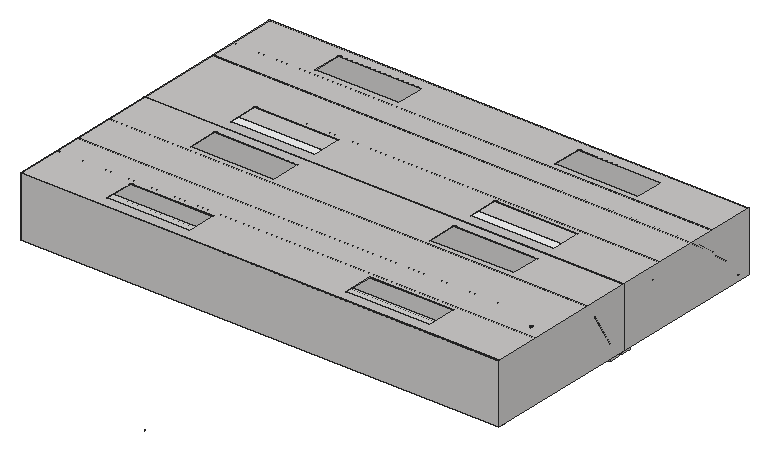
Revit family "QF_ELECTROLUXPROFESSIONAL_640242_STCF2640", category Specialty Equipment, Revit 2014
Reference planes
  plane 1 "Center (Front/Back)": y = 0
  plane 2: z = 0
  plane 3 "Center (Left/Right)": x = 600
  plane 4 "LEFT": x = -1400
  plane 5 "RIGHT": x = 2600
  plane 6 "BACK": y = 1300
  plane 7 "FRONT": y = -1300
  plane 8 "Base": z = 2000
  plane 9 "EIx": x = 2480
  plane 10 "Top": z = 2500
  plane 11 "BaseHood": z = 2000
  plane 12 "EI": y = -820
Forms (mm)
  Extrusion 1, solid, material "QF_Finishes_Stainless Steel"
    sketch origin (0, -820, 2500) x (0, 1, 0) y (-1, 0, 0)
      loop
        circle (0, -2480) r 10
    from 0 to 1.6
Dimensions and locks
  equal spacing: plane 6 "BACK", plane 1 "Center (Front/Back)", plane 7 "FRONT"
  plane 6 "BACK" to plane 7 "FRONT" = 2600.0 mm
  locked: plane 9 "EIx" to plane 5 "RIGHT" at 120
  plane 11 "BaseHood" to level = 2000.0 mm
  plane 10 "Top" to plane 11 "BaseHood" = 500.0 mm
  equal spacing: plane 4 "LEFT", plane 3 "Center (Left/Right)", plane 5 "RIGHT"
  plane 4 "LEFT" to plane 5 "RIGHT" = 4000.0 mm
  plane 12 "EI" to plane 7 "FRONT" = 480.0 mm
  aligned and locked: level to plane 2
Automatic sketch dimensions
  plane 1 "Center (Front/Back)" to Extrusion 1 sketch curve = 820.0 mm
  Extrusion 1 sketch curve to plane 9 "EIx" = 0.0 mm
  radius of Extrusion 1 sketch curve = 10.0 mm
Nested families
  nested 1: "QF_ELECTROLUXPROFESSIONAL_640233" at (450, -550, 0), type "QF_ELECTROLUXPROFESSIONAL_640233"
  nested 2: "QF_ELECTROLUXPROFESSIONAL_640233" at (450, 550, 0), type "QF_ELECTROLUXPROFESSIONAL_640233"
Connectors
  piping at (2480, 60, 1970), diameter 9.5
    settings: on nested 2, index 9, connector inside diameter 609.6 mm, connector length 0.0 mm, flow factor 0, pipe flow 0.0 L/s, pressure drop 0.0 Pa, fitting loss kfactor 0, connector angle 0.00°, fixture units 0, engagement length 0.0 mm, angle of deflection 0.00°, flow configuration 1, flow direction 2, fitting loss method 0, system type 16, joint type 0, gender type 0, connector reference index -1, connector utility 0, adjustable connector no, is connector primary yes, connector description "Drain"
  piping at (2480, -60, 1970), diameter 9.5
    settings: on nested 1, index 10, connector inside diameter 609.6 mm, connector length 0.0 mm, flow factor 0, pipe flow 0.0 L/s, pressure drop 0.0 Pa, fitting loss kfactor 0, connector angle 0.00°, fixture units 0, engagement length 0.0 mm, angle of deflection 0.00°, flow configuration 1, flow direction 2, fitting loss method 0, system type 16, joint type 0, gender type 0, connector reference index -1, connector utility 0, adjustable connector no, is connector primary no, connector description "Drain"
  electrical at (2480, -820, 2501.6)
    settings: on Extrusion 1, index 11, voltage 0 V, apparent load 0 VA, apparent load phase1 0 VA, apparent load phase2 0 VA, apparent load phase3 0 VA, power factor 1, load classification "Other", number of poles 1, system type 30, power factor state 1, is connector primary yes, connector utility no, sub classification motor no, connector description "Electrical Connection"
  hvac at (-400, -1089, 2500)
    settings: on nested 1, index 12, duct flow 0.0 L/s, flow factor 0, pres drop 0.0 Pa, loss coef 0, conn angle 0.00°, conn width 700 mm, conn height 250 mm, conn diameter 609.6 mm, duct sys type 1, conn prof type 1, flow config 1, flow direction 1, loss method 0, conn ref index -1, conn util no, is conn primary yes, conn desc "AIR INLET"
  hvac at (-400, 1089, 2500)
    settings: on nested 2, index 13, duct flow 0.0 L/s, flow factor 0, pres drop 0.0 Pa, loss coef 0, conn angle 0.00°, conn width 250 mm, conn height 700 mm, conn diameter 609.6 mm, duct sys type 1, conn prof type 1, flow config 1, flow direction 1, loss method 0, conn ref index -1, conn util no, is conn primary no, conn desc "AIR INLET"
  hvac at (1600, 1089, 2500)
    settings: on nested 2, index 14, duct flow 0.0 L/s, flow factor 0, pres drop 0.0 Pa, loss coef 0, conn angle 0.00°, conn width 250 mm, conn height 700 mm, conn diameter 609.6 mm, duct sys type 1, conn prof type 1, flow config 1, flow direction 1, loss method 0, conn ref index -1, conn util no, is conn primary no, conn desc "AIR INLET"
  hvac at (1600, -1089, 2500)
    settings: on nested 1, index 15, duct flow 0.0 L/s, flow factor 0, pres drop 0.0 Pa, loss coef 0, conn angle 0.00°, conn width 700 mm, conn height 250 mm, conn diameter 609.6 mm, duct sys type 1, conn prof type 1, flow config 1, flow direction 1, loss method 0, conn ref index -1, conn util no, is conn primary no, conn desc "AIR INLET"
  hvac at (-400, 211, 2500)
    settings: on nested 2, index 16, duct flow 0.0 L/s, flow factor 0, pres drop 0.0 Pa, loss coef 0, conn angle 0.00°, conn width 250 mm, conn height 700 mm, conn diameter 609.6 mm, duct sys type 3, conn prof type 1, flow config 1, flow direction 2, loss method 0, conn ref index -1, conn util no, is conn primary no, conn desc "EXHAUST OUTLET"
  hvac at (-400, -211, 2500)
    settings: on nested 1, index 17, duct flow 0.0 L/s, flow factor 0, pres drop 0.0 Pa, loss coef 0, conn angle 0.00°, conn width 700 mm, conn height 250 mm, conn diameter 609.6 mm, duct sys type 3, conn prof type 1, flow config 1, flow direction 2, loss method 0, conn ref index -1, conn util no, is conn primary no, conn desc "EXHAUST OUTLET"
  hvac at (1600, 211, 2500)
    settings: on nested 2, index 18, duct flow 0.0 L/s, flow factor 0, pres drop 0.0 Pa, loss coef 0, conn angle 0.00°, conn width 250 mm, conn height 700 mm, conn diameter 609.6 mm, duct sys type 3, conn prof type 1, flow config 1, flow direction 2, loss method 0, conn ref index -1, conn util no, is conn primary no, conn desc "EXHAUST OUTLET"
  hvac at (1600, -211, 2500)
    settings: on nested 1, index 19, duct flow 0.0 L/s, flow factor 0, pres drop 0.0 Pa, loss coef 0, conn angle 0.00°, conn width 700 mm, conn height 250 mm, conn diameter 609.6 mm, duct sys type 3, conn prof type 1, flow config 1, flow direction 2, loss method 0, conn ref index -1, conn util no, is conn primary no, conn desc "EXHAUST OUTLET"
Definition of nested family "QF_ELECTROLUXPROFESSIONAL_640233"
  Reference planes
    plane 1: z = 0
    plane 2 "Center (Left/Right)": x = 150
    plane 3 "LEFT": x = -1850
    plane 4 "RIGHT": x = 2150
    plane 5 "BACK": y = 550
    plane 6 "TOP": z = 2500
    plane 7 "Base": z = 2000
    plane 8: z = 1955
    plane 9 "DrainY": y = 490
    plane 10: x = -1847
    plane 11 "DrainX": x = 2030
    plane 12 "AOLeft2": x = -500
    plane 13 "AORight1": x = 800
    plane 14: x = 2147
    plane 15: x = -1650
    plane 16: x = 1950
    plane 17 "Center (Front/Back)": y = -100
    plane 18 "Front": y = -750
    plane 19 "AOLeft1": x = -1200
    plane 20 "AORight2": x = 1500
    plane 21: y = -664
    plane 22: y = -414
    plane 23 "EI_y": y = -270
    plane 24 "EIx": x = 2030
    plane 25: y = 464
    plane 26: y = 214
  Forms (mm)
    Extrusion 1, solid, material "QF_Finishes_Stainless Steel"
      sketch origin (-1850, 0, 360) x (0, 1, 0) y (0, 0, 1)
        loop
          line (550, 1640) -> (550, 2140) -> (-750, 2140) -> (-750, 1640) -> (550, 1640)
      from 0 to 3
    Extrusion 2, solid, material "QF_Finishes_Stainless Steel"
      sketch origin (2150, 0, 360) x (0, 1, 0) y (0, 0, 1)
        loop
          line (550, 1640) -> (550, 2140) -> (-750, 2140) -> (-750, 1640) -> (550, 1640)
      from 0 to -3
    Extrusion 3, solid, material "QF_Finishes_Stainless Steel"
      sketch origin (150, 0, 360) x (0, 1, 0) y (0, 0, 1)
        loop
          line (-750, 2140) -> (-750, 1640) -> (-740, 1640) -> (-740, 1640.8) -> (-749.2, 1640.8) -> (-749.2, 2139.19) -> (549.2, 2139.19) -> (549.2, 1640.8) -> (540, 1640.8) -> (540, 1640) -> (550, 1640) -> (550, 2140) -> (-750, 2140)
      from -2000 to 2000
    Extrusion 4, solid, material "QF_Finishes_Stainless Steel"
      sketch origin (0, 0, 2000) x (0, 1, 0) y (-1, 0, 0)
        loop
          circle (490, -2030) r 4.763
      from -30 to 0
    Extrusion 5, void
      sketch origin (0, 0, 2500) x (0, 1, 0) y (-1, 0, 0)
        loop
          line (-414, 500) -> (-414, 1200) -> (-664, 1200) -> (-664, 500) -> (-414, 500)
      from 0 to -10
    Extrusion 6, solid, material "QF_Finishes_Stainless Steel"
      sketch origin (0, 0, 0) x (1, 0, 0) y (0, 1, 0)
        loop
          line (-1850, 550) -> (-1850, 549) -> (-1849, 549) -> (-1849, 550) -> (-1850, 550)
      from 0 to 1
    Extrusion 7, solid, material "QF_LAMPS"
      sketch origin (150, 0, 360) x (0, 1, 0) y (0, 0, 1)
        loop
          line (-372.823, 1962.324) -> (-218.948, 2086.929) -> (-227.129, 2097.032) -> (-381.003, 1972.426) -> (-372.823, 1962.324)
      from 1997 to -1997
    Extrusion 8, solid, material "QF_Finishes_Stainless Steel"
      sketch origin (150, 0, 360) x (0, 1, 0) y (0, 0, 1)
        loop
          line (-750, 2139.19) -> (-750, 1640) -> (-686.602, 1640) -> (-599.146, 1690.493) -> (-610.058, 1709.394) -> (-666.564, 1676.77) -> (-714.704, 1680.982) -> (-749.2, 1730.248) -> (-749.2, 2139.19) -> (-750, 2139.19)
        loop
          line (-373.6, 1961.694) -> (-381.937, 1971.99) -> (-369.095, 1982.182) -> (-369.095, 2139.19) -> (-369.895, 2139.19) -> (-369.895, 1982.569) -> (-682.298, 1734.63) -> (-671.091, 1720.79) -> (-373.6, 1961.694)
        loop
          line (-227.61, 2099.216) -> (-218.171, 2087.559) -> (-154.411, 2139.19) -> (-155.682, 2139.19) -> (-218.052, 2088.684) -> (-226.989, 2099.719) -> (-227.61, 2099.216)
      from -1997 to 1997
    Sweep 9, solid, material "QF_Finishes_Stainless Steel"
      path origin (0, 0, 0) x (1, 0, 0) y (0, 1, 0)
        loop
          line (2150, 550) -> (-1850, 550) -> (-1850, -750) -> (2150, -750) -> (2150, 550)
      profile origin (2150, -100, 0) x (1, 0, 0) y (0, 0, 1)
        loop
          line (-3, 2000) -> (-3, 2000.8) -> (-19, 2000.8) -> (-19, 2010) -> (-20, 2010) -> (-20, 2000) -> (-3, 2000)
    Extrusion 10, solid, material "QF_Finishes_Stainless Steel"
      sketch origin (150, 0, 0) x (0, 1, 0) y (0, 0, 1)
        loop
          line (414.66, 2095.469) -> (440.643, 2110.471) -> (261.744, 2411.771) -> (235.948, 2396.455) -> (414.66, 2095.469)
      from -1997 to -1800
    Extrusion 11, void
      sketch origin (1134.605, 0, 2500) x (0, 1, 0) y (-1, 0, 0)
        loop
          line (-414, -365.395) -> (-414, 334.605) -> (-664, 334.605) -> (-664, -365.395) -> (-414, -365.395)
      from 0 to -10
    Extrusion 12, solid, material "QF_Finishes_Stainless Steel"
      sketch origin (2030, 0, 0) x (0, 1, 0) y (0, 0, 1)
        loop
          line (539, 2000) -> (441, 2000) -> (441, 1989) -> (448.5, 1989) -> (448.5, 1965)
          arc (448.5, 1965) -> (451.429, 1957.929) -> (458.5, 1955) r 10
          line (458.5, 1955) -> (521.5, 1955)
          arc (521.5, 1955) -> (528.571, 1957.929) -> (531.5, 1965) r 10
          line (531.5, 1965) -> (531.5, 1989) -> (539, 1989) -> (539, 2000)
      from 90 to -90
    Extrusion 13, solid, material "QF_Finishes_Stainless Steel"
      sketch origin (150, 0, 360) x (0, 1, 0) y (0, 0, 1)
        loop
          line (-750, 2139.19) -> (-750, 1640) -> (-686.602, 1640) -> (-599.146, 1690.493) -> (-610.058, 1709.394) -> (-666.564, 1676.77) -> (-714.704, 1680.982) -> (-749.2, 1730.248) -> (-749.2, 2139.19) -> (-750, 2139.19)
        loop
          line (-373.6, 1961.694) -> (-381.937, 1971.99) -> (-369.095, 1982.182) -> (-369.095, 2139.19) -> (-369.895, 2139.19) -> (-369.895, 1982.569) -> (-682.298, 1734.63) -> (-671.091, 1720.79) -> (-373.6, 1961.694)
        loop
          line (-227.61, 2099.216) -> (-218.171, 2087.559) -> (-154.411, 2139.19) -> (-155.682, 2139.19) -> (-218.052, 2088.684) -> (-226.989, 2099.719) -> (-227.61, 2099.216)
      from -1997 to 1997
    Extrusion 14, solid, material "QF_Finishes_Stainless Steel"
      sketch origin (150, 0, 0) x (0, 1, 0) y (0, 0, 1)
        loop
          line (414.66, 2095.469) -> (440.643, 2110.471) -> (261.744, 2411.771) -> (235.948, 2396.455) -> (414.66, 2095.469)
      from 1800 to 1997
    Extrusion 15, solid, material "QF_Finished_Chrome"
      sketch origin (150, 0, 0) x (0, 1, 0) y (0, 0, 1)
        loop
          line (414.66, 2095.469) -> (440.643, 2110.471) -> (261.744, 2411.771) -> (235.948, 2396.455) -> (414.66, 2095.469)
      from -1800 to 1800
    Extrusion 16, void
      sketch origin (0, 1180, 2500) x (0, 1, 0) y (-1, 0, 0)
        loop
          line (-716, 500) -> (-716, 1200) -> (-966, 1200) -> (-966, 500) -> (-716, 500)
      from 0 to -10
    Extrusion 17, void
      sketch origin (1600, 1180, 2500) x (0, 1, 0) y (-1, 0, 0)
        loop
          line (-716, 100) -> (-716, 800) -> (-966, 800) -> (-966, 100) -> (-716, 100)
      from 0 to -10
    Extrusion 18, solid, material "QF_Finishes_Stainless Steel"
      sketch origin (150, 0, 360) x (0, 1, 0) y (0, 0, 1)
        loop
          line (430.005, 1640) -> (540, 1640) -> (540, 1640.8) -> (430.467, 1640.8) -> (371.906, 1742.23) -> (414.858, 1734.657) -> (442.266, 1750.481) -> (442.266, 1765.943) -> (441.466, 1765.943) -> (441.466, 1750.943) -> (414.709, 1735.495) -> (321.153, 1751.991) -> (320.875, 1750.416) -> (371.4, 1741.507) -> (430.005, 1640)
        loop
          line (172.529, 2139.19) -> (242.893, 2017.316) -> (245.133, 2018.715) -> (240.13, 2027.381) -> (238.569, 2026.405) -> (173.453, 2139.19) -> (172.529, 2139.19)
      from -1997 to 1997
  Cuts and joins
    Extrusion 5, Extrusion 11, Extrusion 16, Extrusion 17 cuts Extrusion 3
    joined: Extrusion 2, Extrusion 3, Sweep 9
  Lines and regions (mm)
    symbolic lines, style "SpecialityEquipment", detail levels coarse
      curve 1: line (2150, 550, 2500) -> (-1850, 550, 2500)
      curve 2: line (-1850, 550, 2500) -> (-1850, -750, 2500)
      curve 3: line (2150, -750, 2500) -> (2150, 550, 2500)
      curve 4: line (-1850, 550, 0) -> (2150, -750, 0)
      curve 5: line (2150, 550, 0) -> (-1850, -750, 0)
      curve 6: line (-1850, -750, 0) -> (2150, -750, 0)
      curve 7: line (-500, -414, 0) -> (-1200, -414, 0)
      curve 8: line (-500, -664, 0) -> (-500, -414, 0)
      curve 9: line (-1200, -664, 0) -> (-500, -664, 0)
      curve 10: line (-1200, -414, 0) -> (-1200, -664, 0)
      curve 11: line (800, -414, 0) -> (800, -664, 0)
      curve 12: line (1500, -414, 0) -> (800, -414, 0)
      curve 13: line (1500, -664, 0) -> (1500, -414, 0)
      curve 14: line (800, -664, 0) -> (1500, -664, 0)
    symbolic lines, detail levels coarse
      curve 15: line (-1200, 214, 2500) -> (-500, 214, 2500)
      curve 16: line (-1200, 464, 2500) -> (-1200, 214, 2500)
      curve 17: line (-500, 464, 2500) -> (-1200, 464, 2500)
      curve 18: line (-500, 214, 2500) -> (-500, 464, 2500)
      curve 19: line (800, 464, 2500) -> (800, 214, 2500)
      curve 20: line (1500, 464, 2500) -> (800, 464, 2500)
      curve 21: line (800, 214, 2500) -> (1500, 214, 2500)
      curve 22: line (1500, 214, 2500) -> (1500, 464, 2500)
  Dimensions and locks
    plane 3 "LEFT" to plane 4 "RIGHT" = 4000.0 mm
    equal spacing: plane 3 "LEFT", plane 2 "Center (Left/Right)", plane 4 "RIGHT"
    plane 7 "Base" to plane 8 = 45.0 mm
    plane 5 "BACK" to plane 9 "DrainY" = 60.0 mm  (x2)
    plane 3 "LEFT" to plane 10 = 3.0 mm
    plane 11 "DrainX" to plane 4 "RIGHT" = 120.0 mm
    plane 14 to plane 4 "RIGHT" = 3.0 mm
    plane 3 "LEFT" to plane 15 = 200.0 mm
    plane 16 to plane 4 "RIGHT" = 200.0 mm
    locked: plane 12 "AOLeft2" to plane 13 "AORight1" at 1300
    equal spacing: plane 12 "AOLeft2", plane 2 "Center (Left/Right)", plane 13 "AORight1"
    locked: plane 7 "Base" to level at 2000
    locked: plane 6 "TOP" to plane 7 "Base" at 500
    plane 5 "BACK" to plane 18 "Front" = 1300.0 mm  (x2)
    equal spacing: plane 5 "BACK", plane 17 "Center (Front/Back)", plane 18 "Front"
    locked: plane 19 "AOLeft1" to plane 12 "AOLeft2" at 700
    locked: plane 13 "AORight1" to plane 20 "AORight2" at 700
    locked: plane 22 to plane 21 at 250
    plane 21 to plane 18 "Front" = 86.0 mm
    locked: plane 23 "EI_y" to plane 18 "Front" at 480
    locked: plane 24 "EIx" to plane 4 "RIGHT" at 120
    locked: plane 26 to plane 25 at 250
    plane 5 "BACK" to plane 25 = 86.0 mm
    aligned and locked: level to plane 1
    aligned and locked: plane 4 "RIGHT" to Extrusion 3
    aligned and locked: Extrusion 3 to plane 3 "LEFT"
    aligned and locked: Extrusion 2 to plane 14
    aligned and locked: Extrusion 10 to plane 10
    aligned and locked: Extrusion 8 to plane 10
    aligned and locked: plane 14 to Extrusion 8
    aligned and locked: Extrusion 5 to plane 19 "AOLeft1"
    aligned and locked: Extrusion 5 to plane 12 "AOLeft2"
    aligned and locked: plane 20 "AORight2" to Extrusion 11
    aligned and locked: plane 13 "AORight1" to Extrusion 11
    aligned and locked: plane 15 to Extrusion 10
    aligned and locked: plane 16 to Extrusion 14
    aligned and locked: plane 14 to Extrusion 14
    aligned and locked: Extrusion 15 to plane 15
    aligned and locked: Extrusion 15 to plane 16
    aligned and locked: plane 14 to Extrusion 7
    aligned and locked: Extrusion 7 to plane 10
    aligned and locked: plane 13 "AORight1" to Extrusion 17
    aligned and locked: plane 20 "AORight2" to Extrusion 17
    aligned and locked: Extrusion 16 to plane 19 "AOLeft1"
    aligned and locked: Extrusion 16 to plane 12 "AOLeft2"
    aligned and locked: Extrusion 18 to plane 10
    aligned and locked: plane 14 to Extrusion 18
    aligned and locked: plane 14 to Extrusion 13
    aligned and locked: Extrusion 13 to plane 10
    aligned and locked: plane 22 to cut or joined group of Extrusion 2, Extrusion 3, Extrusion 5, Sweep 9, Extrusion 11, Extrusion 16, Extrusion 17  (x2)
    aligned and locked: plane 22 to curve 7
    aligned and locked: plane 22 to curve 12
    aligned and locked: cut or joined group of Extrusion 2, Extrusion 3, Extrusion 5, Sweep 9, Extrusion 11, Extrusion 16, Extrusion 17 to plane 21  (x2)
    aligned and locked: curve 9 to plane 21
    aligned and locked: curve 14 to plane 21
    aligned and locked: cut or joined group of Extrusion 2, Extrusion 3, Extrusion 5, Sweep 9, Extrusion 11, Extrusion 16, Extrusion 17 to plane 25  (x2)
    aligned and locked: curve 17 to plane 25
    aligned and locked: curve 20 to plane 25
    aligned and locked: plane 26 to cut or joined group of Extrusion 2, Extrusion 3, Extrusion 5, Sweep 9, Extrusion 11, Extrusion 16, Extrusion 17  (x2)
    aligned and locked: plane 26 to curve 21
    aligned and locked: plane 26 to curve 15
  Automatic sketch dimensions
    Extrusion 4 sketch curve to plane 9 "DrainY" = 0.0 mm
    Extrusion 4 sketch curve to plane 11 "DrainX" = 0.0 mm
    Extrusion 10 sketch curve to plane 9 "DrainY" = 75.34 mm
    Extrusion 10 sketch curve to Extrusion 10 sketch curve = 25.983 mm
    plane 7 "Base" to Extrusion 10 sketch curve = 95.469 mm
    Extrusion 10 sketch curve to Extrusion 10 sketch curve = 15.001 mm
    Extrusion 10 sketch curve to plane 6 "TOP" = 103.545 mm
    Extrusion 10 sketch curve to Extrusion 10 sketch curve = 15.316 mm
    Extrusion 14 sketch curve to plane 9 "DrainY" = 75.34 mm
    Extrusion 14 sketch curve to Extrusion 14 sketch curve = 25.983 mm
    plane 7 "Base" to Extrusion 14 sketch curve = 95.469 mm
    Extrusion 14 sketch curve to Extrusion 14 sketch curve = 15.001 mm
    Extrusion 14 sketch curve to plane 6 "TOP" = 103.545 mm
    Extrusion 14 sketch curve to Extrusion 14 sketch curve = 15.316 mm
    Extrusion 15 sketch curve to plane 9 "DrainY" = 75.34 mm
    Extrusion 15 sketch curve to Extrusion 15 sketch curve = 25.983 mm
    plane 7 "Base" to Extrusion 15 sketch curve = 95.469 mm
    Extrusion 15 sketch curve to Extrusion 15 sketch curve = 15.001 mm
    Extrusion 15 sketch curve to plane 6 "TOP" = 103.545 mm
    Extrusion 15 sketch curve to Extrusion 15 sketch curve = 15.316 mm
    Extrusion 18 sketch curve to plane 7 "Base" = 0.0 mm
    Extrusion 18 sketch curve to plane 9 "DrainY" = 47.734 mm
    Extrusion 18 sketch curve to Extrusion 18 sketch curve = 0.8 mm
    plane 9 "DrainY" to Extrusion 18 sketch curve = 50.0 mm
    plane 7 "Base" to Extrusion 18 sketch curve = 0.8 mm
    Extrusion 18 sketch curve to Extrusion 18 sketch curve = 109.533 mm
    Extrusion 18 sketch curve to Extrusion 18 sketch curve = 0.462 mm  (x2)
    Extrusion 18 sketch curve to Extrusion 18 sketch curve = 26.608 mm
    Extrusion 18 sketch curve to Extrusion 18 sketch curve = 0.148 mm
    Extrusion 18 sketch curve to Extrusion 18 sketch curve = 42.803 mm
    Extrusion 18 sketch curve to Extrusion 18 sketch curve = 0.506 mm
    Extrusion 18 sketch curve to Extrusion 18 sketch curve = 50.247 mm
    Extrusion 18 sketch curve to Extrusion 18 sketch curve = 0.278 mm
    Extrusion 18 sketch curve to Extrusion 18 sketch curve = 2.24 mm
    Extrusion 18 sketch curve to plane 6 "TOP" = 0.81 mm
    Extrusion 18 sketch curve to Extrusion 18 sketch curve = 0.924 mm
    plane 7 "Base" to Extrusion 18 sketch curve = 94.657 mm
    Extrusion 18 sketch curve to Extrusion 18 sketch curve = 0.838 mm
    Extrusion 18 sketch curve to Extrusion 18 sketch curve = 6.012 mm
    Extrusion 18 sketch curve to Extrusion 18 sketch curve = 0.723 mm
    Extrusion 18 sketch curve to Extrusion 18 sketch curve = 14.986 mm
    Extrusion 18 sketch curve to Extrusion 18 sketch curve = 15.0 mm
    Extrusion 18 sketch curve to plane 6 "TOP" = 122.684 mm
    Extrusion 18 sketch curve to Extrusion 18 sketch curve = 1.399 mm
    Extrusion 18 sketch curve to Extrusion 18 sketch curve = 9.089 mm
    Extrusion 18 sketch curve to Extrusion 18 sketch curve = 0.975 mm
    Extrusion 10 sketch curve to plane 9 "DrainY" = 228.256 mm
    Extrusion 10 sketch curve to Extrusion 10 sketch curve = 25.795 mm
    Extrusion 14 sketch curve to plane 9 "DrainY" = 228.256 mm
    Extrusion 14 sketch curve to Extrusion 14 sketch curve = 25.795 mm
    Extrusion 15 sketch curve to plane 9 "DrainY" = 228.256 mm
    Extrusion 15 sketch curve to Extrusion 15 sketch curve = 25.795 mm
    Extrusion 18 sketch curve to plane 9 "DrainY" = 244.867 mm
    Extrusion 18 sketch curve to Extrusion 18 sketch curve = 5.003 mm
    Extrusion 18 sketch curve to Extrusion 18 sketch curve = 1.561 mm
    Extrusion 18 sketch curve to Extrusion 18 sketch curve = 66.677 mm
    curve 6 to plane 3 "LEFT" = 0.0 mm
    curve 4 to plane 3 "LEFT" = 0.0 mm
    curve 10 to plane 19 "AOLeft1" = 0.0 mm
    curve 8 to plane 12 "AOLeft2" = 0.0 mm
    curve 14 to plane 13 "AORight1" = 0.0 mm
    curve 14 to plane 20 "AORight2" = 0.0 mm
    curve 5 to plane 4 "RIGHT" = 0.0 mm
    curve 6 to plane 4 "RIGHT" = 0.0 mm
    curve 4 to plane 18 "Front" = 0.0 mm
    curve 4 to plane 5 "BACK" = 0.0 mm
    curve 5 to plane 5 "BACK" = 0.0 mm
    curve 2 to plane 3 "LEFT" = 0.0 mm
    curve 2 to plane 18 "Front" = 0.0 mm
    curve 3 to plane 4 "RIGHT" = 0.0 mm
    curve 3 to plane 18 "Front" = 0.0 mm
    curve 21 to plane 20 "AORight2" = 0.0 mm
    curve 19 to plane 13 "AORight1" = 0.0 mm
    curve 15 to plane 19 "AOLeft1" = 0.0 mm
    curve 15 to plane 12 "AOLeft2" = 0.0 mm
    curve 2 to plane 5 "BACK" = 0.0 mm
    Extrusion 1 sketch curve to plane 7 "Base" = 0.0 mm
    Extrusion 1 sketch curve to plane 18 "Front" = 0.0 mm
    Extrusion 1 sketch curve to plane 5 "BACK" = 0.0 mm
    Extrusion 1 sketch curve to plane 6 "TOP" = 0.0 mm
    Extrusion 2 sketch curve to plane 7 "Base" = 0.0 mm
    Extrusion 2 sketch curve to plane 18 "Front" = 0.0 mm
    Extrusion 2 sketch curve to plane 5 "BACK" = 0.0 mm
    Extrusion 2 sketch curve to plane 6 "TOP" = 0.0 mm
    Extrusion 3 sketch curve to plane 6 "TOP" = 0.0 mm
    Extrusion 3 sketch curve to plane 18 "Front" = 0.0 mm
    Extrusion 3 sketch curve to plane 7 "Base" = 0.0 mm  (x2)
    Extrusion 3 sketch curve to plane 5 "BACK" = 0.0 mm
    plane 18 "Front" to Extrusion 3 sketch curve = 0.8 mm
    Extrusion 3 sketch curve to Extrusion 3 sketch curve = 9.2 mm
    plane 7 "Base" to Extrusion 3 sketch curve = 0.8 mm  (x2)
    Extrusion 3 sketch curve to plane 5 "BACK" = 10.0 mm
    Extrusion 3 sketch curve to plane 5 "BACK" = 0.8 mm
    Extrusion 3 sketch curve to plane 6 "TOP" = 0.81 mm
    Extrusion 5 sketch curve to plane 12 "AOLeft2" = 0.0 mm
    Extrusion 5 sketch curve to plane 21 = 0.0 mm
    Extrusion 5 sketch curve to plane 22 = 0.0 mm
    Extrusion 5 sketch curve to plane 19 "AOLeft1" = 0.0 mm
    Extrusion 6 sketch curve to plane 3 "LEFT" = 0.0 mm
    Extrusion 6 sketch curve to plane 5 "BACK" = 0.0 mm
    plane 3 "LEFT" to Extrusion 6 sketch curve = 1.0 mm
    Extrusion 6 sketch curve to Extrusion 6 sketch curve = 1.0 mm
    plane 22 to Extrusion 7 sketch curve = 32.997 mm
    Extrusion 7 sketch curve to Extrusion 7 sketch curve = 8.181 mm  (x2)
    plane 23 "EI_y" to Extrusion 7 sketch curve = 42.871 mm
    Extrusion 7 sketch curve to plane 6 "TOP" = 177.676 mm
    Extrusion 7 sketch curve to Extrusion 7 sketch curve = 10.102 mm
    Extrusion 7 sketch curve to plane 6 "TOP" = 53.071 mm
    Extrusion 7 sketch curve to Extrusion 7 sketch curve = 10.103 mm
    Extrusion 8 sketch curve to plane 7 "Base" = 0.0 mm
    Extrusion 8 sketch curve to plane 18 "Front" = 0.0 mm
    Extrusion 8 sketch curve to Extrusion 8 sketch curve = 0.8 mm  (x2)
    plane 18 "Front" to Extrusion 8 sketch curve = 35.296 mm
    Extrusion 8 sketch curve to plane 21 = 22.602 mm
    Extrusion 8 sketch curve to plane 21 = 18.298 mm
    Extrusion 8 sketch curve to plane 21 = 7.091 mm
    Extrusion 8 sketch curve to plane 21 = 2.564 mm
    plane 21 to Extrusion 8 sketch curve = 53.942 mm
    Extrusion 8 sketch curve to Extrusion 8 sketch curve = 10.912 mm
    plane 22 to Extrusion 8 sketch curve = 32.063 mm
    Extrusion 8 sketch curve to Extrusion 8 sketch curve = 8.337 mm
    Extrusion 8 sketch curve to Extrusion 8 sketch curve = 12.042 mm
    plane 23 "EI_y" to Extrusion 8 sketch curve = 42.39 mm
    Extrusion 8 sketch curve to Extrusion 8 sketch curve = 0.622 mm
    Extrusion 8 sketch curve to Extrusion 8 sketch curve = 9.44 mm
    Extrusion 8 sketch curve to Extrusion 8 sketch curve = 0.118 mm
    Extrusion 8 sketch curve to plane 6 "TOP" = 0.81 mm  (x3)
    Extrusion 8 sketch curve to plane 17 "Center (Front/Back)" = 55.682 mm
    Extrusion 8 sketch curve to Extrusion 8 sketch curve = 1.271 mm
    plane 7 "Base" to Extrusion 8 sketch curve = 36.77 mm
    plane 7 "Base" to Extrusion 8 sketch curve = 40.982 mm
    plane 7 "Base" to Extrusion 8 sketch curve = 50.493 mm
    Extrusion 8 sketch curve to Extrusion 8 sketch curve = 18.901 mm
    Extrusion 8 sketch curve to Extrusion 8 sketch curve = 44.02 mm
    Extrusion 8 sketch curve to Extrusion 8 sketch curve = 49.266 mm
    Extrusion 8 sketch curve to Extrusion 8 sketch curve = 13.84 mm
    Extrusion 8 sketch curve to plane 6 "TOP" = 178.306 mm
    Extrusion 8 sketch curve to Extrusion 8 sketch curve = 10.296 mm
    Extrusion 8 sketch curve to Extrusion 8 sketch curve = 10.192 mm
    Extrusion 8 sketch curve to Extrusion 8 sketch curve = 0.386 mm
    Extrusion 8 sketch curve to plane 6 "TOP" = 52.441 mm
    Extrusion 8 sketch curve to Extrusion 8 sketch curve = 1.125 mm
    Sweep 9 sketch curve to plane 3 "LEFT" = 0.0 mm
    Sweep 9 sketch curve to plane 4 "RIGHT" = 0.0 mm
    Sweep 9 sketch curve to plane 18 "Front" = 0.0 mm
    Sweep 9 sketch curve to plane 5 "BACK" = 0.0 mm
    profile plane to Sweep 9 sketch curve = 20.0 mm
    Sweep 9 sketch curve to Sweep 9 sketch curve = 1.0 mm
    profile plane to Sweep 9 sketch curve = 3.0 mm
    level to Sweep 9 sketch curve = 2000.0 mm
    Sweep 9 sketch curve to Sweep 9 sketch curve = 0.8 mm
    Sweep 9 sketch curve to Sweep 9 sketch curve = 9.2 mm
    Extrusion 11 sketch curve to plane 20 "AORight2" = 0.0 mm
    Extrusion 11 sketch curve to plane 21 = 0.0 mm
    Extrusion 11 sketch curve to plane 22 = 0.0 mm
    Extrusion 11 sketch curve to plane 13 "AORight1" = 0.0 mm
    Extrusion 12 sketch curve to plane 7 "Base" = 0.0 mm
    Extrusion 12 sketch curve to plane 8 = 0.0 mm
    Extrusion 12 sketch curve to plane 7 "Base" = 11.0 mm  (x2)
    plane 25 to Extrusion 12 sketch curve = 23.0 mm
    Extrusion 12 sketch curve to Extrusion 12 sketch curve = 7.5 mm  (x2)
    plane 25 to Extrusion 12 sketch curve = 5.5 mm
    Extrusion 12 sketch curve to plane 5 "BACK" = 28.5 mm
    Extrusion 12 sketch curve to plane 5 "BACK" = 18.5 mm
    Extrusion 13 sketch curve to plane 7 "Base" = 0.0 mm
    Extrusion 13 sketch curve to plane 18 "Front" = 0.0 mm
    Extrusion 13 sketch curve to Extrusion 13 sketch curve = 0.8 mm  (x2)
    plane 18 "Front" to Extrusion 13 sketch curve = 35.296 mm
    Extrusion 13 sketch curve to plane 21 = 22.602 mm
    Extrusion 13 sketch curve to plane 21 = 18.298 mm
    Extrusion 13 sketch curve to plane 21 = 7.091 mm
    Extrusion 13 sketch curve to plane 21 = 2.564 mm
    plane 21 to Extrusion 13 sketch curve = 53.942 mm
    Extrusion 13 sketch curve to Extrusion 13 sketch curve = 10.912 mm
    plane 22 to Extrusion 13 sketch curve = 32.063 mm
    Extrusion 13 sketch curve to Extrusion 13 sketch curve = 8.337 mm
    Extrusion 13 sketch curve to Extrusion 13 sketch curve = 12.042 mm
    plane 23 "EI_y" to Extrusion 13 sketch curve = 42.39 mm
    Extrusion 13 sketch curve to Extrusion 13 sketch curve = 0.622 mm
    Extrusion 13 sketch curve to Extrusion 13 sketch curve = 9.44 mm
    Extrusion 13 sketch curve to Extrusion 13 sketch curve = 0.118 mm
    Extrusion 13 sketch curve to plane 6 "TOP" = 0.81 mm  (x3)
    Extrusion 13 sketch curve to plane 17 "Center (Front/Back)" = 55.682 mm
    Extrusion 13 sketch curve to Extrusion 13 sketch curve = 1.271 mm
    plane 7 "Base" to Extrusion 13 sketch curve = 36.77 mm
    plane 7 "Base" to Extrusion 13 sketch curve = 40.982 mm
    plane 7 "Base" to Extrusion 13 sketch curve = 50.493 mm
    Extrusion 13 sketch curve to Extrusion 13 sketch curve = 18.901 mm
    Extrusion 13 sketch curve to Extrusion 13 sketch curve = 44.02 mm
    Extrusion 13 sketch curve to Extrusion 13 sketch curve = 49.266 mm
    Extrusion 13 sketch curve to Extrusion 13 sketch curve = 13.84 mm
    Extrusion 13 sketch curve to plane 6 "TOP" = 178.306 mm
    Extrusion 13 sketch curve to Extrusion 13 sketch curve = 10.296 mm
    Extrusion 13 sketch curve to Extrusion 13 sketch curve = 10.192 mm
    Extrusion 13 sketch curve to Extrusion 13 sketch curve = 0.386 mm
    Extrusion 13 sketch curve to plane 6 "TOP" = 52.441 mm
    Extrusion 13 sketch curve to Extrusion 13 sketch curve = 1.125 mm
    Extrusion 16 sketch curve to plane 12 "AOLeft2" = 0.0 mm
    Extrusion 16 sketch curve to plane 19 "AOLeft1" = 0.0 mm
    Extrusion 16 sketch curve to plane 9 "DrainY" = 26.0 mm
    Extrusion 16 sketch curve to plane 26 = 0.0 mm
    Extrusion 17 sketch curve to plane 20 "AORight2" = 0.0 mm
    Extrusion 17 sketch curve to plane 13 "AORight1" = 0.0 mm
    Extrusion 17 sketch curve to plane 9 "DrainY" = 26.0 mm
    Extrusion 17 sketch curve to plane 26 = 0.0 mm
    radius of Extrusion 4 sketch curve = 4.763 mm
